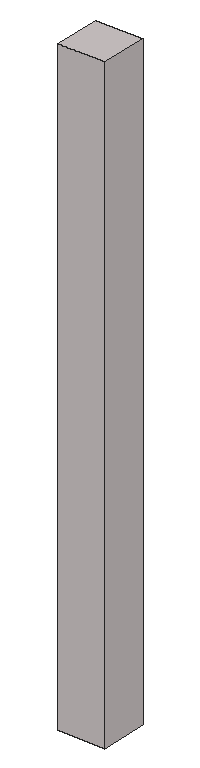
Revit family
Parameters (values of type "230 x 230 mm")
  Width = 230 mm
  Column Material = RCC
Reference planes
  plane 1 "Center (Front/Back)": y = 0
  plane 2: z = 0
  plane 3 "Center (Left/Right)": x = 0
  plane 4 "Left": x = -115
  plane 5 "Right": x = 115
  plane 6 "Back": y = 115
  plane 7 "Front": y = -115
Forms (mm)
  Extrusion 1, solid, material "RCC" <- "Column Material"
    sketch origin (0, 0, 0) x (1, 0, 0) y (0, 1, 0)
      loop
        line (-115, 115) -> (-115, -115) -> (115, -115) -> (115, 115) -> (-115, 115)
    from 0 to 3000
Lines and regions (mm)
  Masking region 1
    outline origin (0, 0, 0) x (1, 0, 0) y (0, 1, 0)
      loop
        line (-115, 115) -> (-115, -115) -> (115, -115) -> (115, 115) -> (-115, 115)
  symbolic lines
    curve 1: line (-115, 115, 0) -> (115, 115, 0)
    curve 2: line (-115, -115, 0) -> (-115, 115, 0)
    curve 3: line (115, -115, 0) -> (-115, -115, 0)
    curve 4: line (115, 115, 0) -> (115, -115, 0)
Dimensions and locks
  equal spacing: plane 4 "Left", plane 3 "Center (Left/Right)", plane 5 "Right"
  equal spacing: plane 7 "Front", plane 1 "Center (Front/Back)", plane 6 "Back"
  "Width": plane 4 "Left" to plane 5 "Right"
  "Width": plane 7 "Front" to plane 6 "Back"
  aligned and locked: plane 4 "Left" to Extrusion 1 sketch curve
  aligned and locked: plane 6 "Back" to Extrusion 1 sketch curve
  aligned and locked: plane 7 "Front" to Extrusion 1 sketch curve
  aligned and locked: plane 5 "Right" to Extrusion 1 sketch curve
  aligned and locked: level to Extrusion 1
  aligned and locked: curve 1 to Extrusion 1  (x2)
  aligned and locked: Extrusion 1 to curve 4
  aligned and locked: curve 4 to Extrusion 1
  aligned and locked: Masking region 1 sketch curve to Extrusion 1  (x3)
  aligned and locked: Extrusion 1 to Masking region 1 sketch curve
